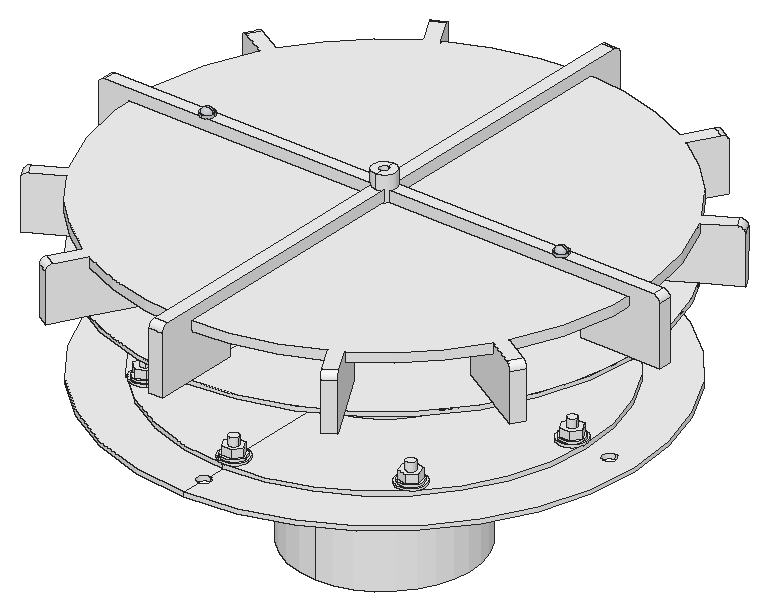
Revit family "MH-501-28", category Plumbing Fixtures, host Face, Revit 2018
Family settings
  Host = Face
  Round Connector Dimension = Use Radius
  Part Type = Normal
  Cut with Voids When Loaded = No
  Shared = No
  Room Calculation Point = No
Parameters (values of type "MH-501-28-Ø5"")
  WFU = 0
  URL = "WWW.MIFAB.COM"
  Pipe Radius = Pipe Diameter / 2  # 0' - 2 1/2"
  Pipe Diameter = 0' - 5"
  Model = "MH-501-28"
  Manufacturer = "MIFAB"
  B Body Diameter = 0' - 11 205/256"
  A Air Baffle/ Inducer Diameter = 1' - 2 159/256"
  Floor Drain Material = Paint - Sherwin Williams Paint - #952C2A - Bellwood Red
  Description = "SIPHONIC ROOF DRAIN OVERFLOW"
  Default Elevation = 0' - 0"
  CWFU = 0
  Body Height = 0' - 4.173"
  Assembly Code = ""
Reference planes (in)
  plane 1 "Center (Front/Back)": y = 0
  plane 2: z = 0
  plane 3 "Center (Left/Right)": x = 0
  plane 4: z = -3
  plane 5: z = -2.375
  plane 6: y = -2.5
  plane 7: y = 2.5
  plane 8: z = -7.40122
  plane 9: y = -3.10687
  plane 10: x = -1
  plane 11: x = 1
  plane 12: y = -2.38189
  plane 13: y = -5.90039
  plane 14: y = 5.90039
  plane 15 "0": z = -4.173
  plane 16: z = 0.8125
  plane 17: z = 0.5625
  plane 18: y = 7.31055
  plane 19: y = -7.31055
  plane 20: x = -0.19624
  plane 21: x = 0.19624
  plane 22: x = -7.31055
  plane 23: x = 7.31055
  plane 24: y = 0.18061
  plane 25: y = -0.18061
  plane 26: z = 1.875
  plane 27: z = 1.28855
  plane 28: z = -1.5
  plane 29: x = -4.6941
  plane 30: x = -5.90039
  plane 31: x = 5.90039
  plane 32: through (-5.25174, 5.08471, 48) normal (-0.7071, 0.7071, 0)
  plane 33: through (5.08693, -5.25397, 48) normal (-0.7071, 0.7071, 0)
  plane 34: through (0.00111, -0.00111, 48) normal (-0.7071, 0.7071, 0)
  plane 35: through (-5.08471, -5.25397, 48) normal (-0.7071, -0.7071, 0)
  plane 36: through (5.25397, 5.08471, 48) normal (-0.7071, -0.7071, 0)
  plane 37: through (0.00111, -0.00111, 48) normal (-0.7071, -0.7071, 0)
  plane 38: z = -6.67523
  plane 39: z = -6.05023
  plane 40: y = -3.10687
  plane 41: y = -2.38189
  plane 42: z = -3.67523
  plane 43: z = -4.17
  plane 44: z = -2.992
Forms (in)
  Revolve 1, solid, material "Paint - Sherwin Williams Paint - #952C2A - Bellwood Red" <- "Floor Drain Material"
    sketch origin (0, 0.04396, -2.375) x (0, 1, 0) y (0, 0, 1)
      loop
        line (-2.54396, 1.75689) -> (-2.54396, -1.798) -> (-2.42585, -1.798) -> (-2.42585, 1.875)
        arc (-2.42585, 1.875) -> (-2.5723, 2.22855) -> (-2.92585, 2.375) r 0.5
        line (-2.92585, 2.375) -> (-7.35451, 2.375) -> (-7.35451, 2.25689) -> (-3.04396, 2.25689)
        arc (-3.04396, 2.25689) -> (-2.69041, 2.11044) -> (-2.54396, 1.75689) r 0.5
      axis (-0.04396, -1.798) -> (-0.04396, 2.375)
    angle from 0 to 360
  Revolve 2, solid, material "Paint - Sherwin Williams Paint - #952C2A - Bellwood Red" <- "Floor Drain Material"
    sketch origin (0, 0, 0) x (0, 1, 0) y (0, 0, 1)
      loop
        line (-0.32401, 1.5625) -> (-7.31055, 1.5625) -> (-7.31055, 1.28855) -> (0, 1.28855) -> (0, 2.06326) -> (-0.12033, 2.06326) -> (-0.12033, 2.26988) -> (-0.32401, 2.26988) -> (-0.32401, 1.5625)
      axis (0, 1.28855) -> (0, 2.26988)
    angle from 0 to 360
  Extrusion 3, solid, material "Paint - Sherwin Williams Paint - #952C2A - Bellwood Red" <- "Floor Drain Material"
    sketch origin (0, 0, 0) x (0, 1, 0) y (0, 0, 1)
      loop
        line (8.37222, 0) -> (8.37222, 1.68359)
        arc (8.37222, 1.68359) -> (8.31615, 1.81894) -> (8.18081, 1.875) r 0.19141
        line (8.18081, 1.875) -> (-8.14956, 1.875)
        arc (-8.14956, 1.875) -> (-8.2849, 1.81894) -> (-8.34097, 1.68359) r 0.19141
        line (-8.34097, 1.68359) -> (-8.34097, 0) -> (-5.90039, 0) -> (-5.90039, 1.28855) -> (-7.30773, 1.28855) -> (-7.30773, 1.5625) -> (7.31055, 1.5625) -> (7.31055, 1.28855) -> (5.90039, 1.28855) -> (5.90039, 0) -> (8.37222, 0)
    from -0.19624 to 0.19624
  Extrusion 4, solid, material "Paint - Sherwin Williams Paint - #952C2A - Bellwood Red" <- "Floor Drain Material"
    sketch origin (0, 0, 0) x (1, 0, 0) y (0, 0, 1)
      loop
        line (-8.20815, 0) -> (-5.90039, 0) -> (-5.90039, 1.28855) -> (-7.31055, 1.28855) -> (-7.31055, 1.5625) -> (7.31055, 1.5625) -> (7.31055, 1.28855) -> (5.90039, 1.28855) -> (5.90039, 0) -> (8.20815, 0) -> (8.20815, 1.68319)
        arc (8.20815, 1.68319) -> (8.15197, 1.81882) -> (8.01634, 1.875) r 0.19181
        line (8.01634, 1.875) -> (-8.01675, 1.875)
        arc (-8.01675, 1.875) -> (-8.15209, 1.81894) -> (-8.20815, 1.68359) r 0.19141
        line (-8.20815, 1.68359) -> (-8.20815, 0)
    from -0.18061 to 0.18061
  Extrusion 5, solid, material "Paint - Sherwin Williams Paint - #952C2A - Bellwood Red" <- "Floor Drain Material"
    sketch origin (0, 0, 0) x (1, 0, 0) y (0, 1, 0)
      loop
        circle (-6.00241, 0) r 0.10682
      loop
        circle (6.00241, 0) r 0.10682
    from 0.04425 to 1.28855
  Extrusion 6, solid, material "Paint - Sherwin Williams Paint - #952C2A - Bellwood Red" <- "Floor Drain Material"
    sketch origin (8.16842, -14.14953, -6.66276) x (-0.5, 0.866025, 0) y (0, 0, 1)
      loop
        line (24.52042, 8.22526) -> (22.23805, 8.22526) -> (22.23805, 6.66276) -> (24.71183, 6.66276) -> (24.71183, 8.03385)
        arc (24.71183, 8.03385) -> (24.65576, 8.1692) -> (24.52042, 8.22526) r 0.19141
    from -0.19624 to 0.19624
  Extrusion 7, solid, material "Paint - Sherwin Williams Paint - #952C2A - Bellwood Red" <- "Floor Drain Material"
    sketch origin (14.14842, -8.17035, -6.66276) x (-0.866025, 0.5, 0) y (0, 0, 1)
      loop
        line (24.52042, 8.22526) -> (22.23805, 8.22526) -> (22.23805, 6.66276) -> (24.71183, 6.66276) -> (24.71183, 8.03385)
        arc (24.71183, 8.03385) -> (24.65576, 8.1692) -> (24.52042, 8.22526) r 0.19141
    from -0.19624 to 0.19624
  Extrusion 8, solid, material "Paint - Sherwin Williams Paint - #952C2A - Bellwood Red" <- "Floor Drain Material"
    sketch origin (-8.16842, -14.14953, -6.66276) x (0.5, 0.866025, 0) y (0, 0, -1)
      loop
        arc (24.52042, -8.22526) -> (24.65576, -8.1692) -> (24.71183, -8.03385) r 0.19141
        line (24.71183, -8.03385) -> (24.71183, -6.66276) -> (22.23805, -6.66276) -> (22.23805, -8.22526) -> (24.52042, -8.22526)
    from -0.19624 to 0.19624
  Extrusion 9, solid, material "Paint - Sherwin Williams Paint - #952C2A - Bellwood Red" <- "Floor Drain Material"
    sketch origin (-14.14842, -8.17035, -6.66276) x (0.866025, 0.5, 0) y (0, 0, -1)
      loop
        arc (24.52042, -8.22526) -> (24.65576, -8.1692) -> (24.71183, -8.03385) r 0.19141
        line (24.71183, -8.03385) -> (24.71183, -6.66276) -> (22.23805, -6.66276) -> (22.23805, -8.22526) -> (24.52042, -8.22526)
    from -0.19624 to 0.19624
  Extrusion 10, solid, material "Paint - Sherwin Williams Paint - #952C2A - Bellwood Red" <- "Floor Drain Material"
    sketch origin (14.14842, 8.17035, -6.66276) x (-0.866025, -0.5, 0) y (0, 0, -1)
      loop
        arc (24.52042, -8.22526) -> (24.65576, -8.1692) -> (24.71183, -8.03385) r 0.19141
        line (24.71183, -8.03385) -> (24.71183, -6.66276) -> (22.23805, -6.66276) -> (22.23805, -8.22526) -> (24.52042, -8.22526)
    from -0.19624 to 0.19624
  Extrusion 11, solid, material "Paint - Sherwin Williams Paint - #952C2A - Bellwood Red" <- "Floor Drain Material"
    sketch origin (-8.16842, 14.14953, -6.66276) x (0.5, -0.866025, 0) y (0, 0, 1)
      loop
        line (24.52042, 8.22526) -> (22.23805, 8.22526) -> (22.23805, 6.66276) -> (24.71183, 6.66276) -> (24.71183, 8.03385)
        arc (24.71183, 8.03385) -> (24.65576, 8.1692) -> (24.52042, 8.22526) r 0.19141
    from -0.19624 to 0.19624
  Extrusion 12, solid, material "Paint - Sherwin Williams Paint - #952C2A - Bellwood Red" <- "Floor Drain Material"
    sketch origin (-14.14842, 8.17035, -6.66276) x (0.866025, -0.5, 0) y (0, 0, 1)
      loop
        line (24.52042, 8.22526) -> (22.23805, 8.22526) -> (22.23805, 6.66276) -> (24.71183, 6.66276) -> (24.71183, 8.03385)
        arc (24.71183, 8.03385) -> (24.65576, 8.1692) -> (24.52042, 8.22526) r 0.19141
    from -0.19624 to 0.19624
  Extrusion 13, solid, material "Paint - Sherwin Williams Paint - #952C2A - Bellwood Red" <- "Floor Drain Material"
    sketch origin (8.16842, 14.14953, -6.66276) x (-0.5, -0.866025, 0) y (0, 0, -1)
      loop
        arc (24.52042, -8.22526) -> (24.65576, -8.1692) -> (24.71183, -8.03385) r 0.19141
        line (24.71183, -8.03385) -> (24.71183, -6.66276) -> (22.23805, -6.66276) -> (22.23805, -8.22526) -> (24.52042, -8.22526)
    from -0.19624 to 0.19624
  Revolve 14, solid
    sketch origin (0, 0, 0) x (1, 0, 0) y (0, 0, 1)
      loop
        line (-5.17383, 2.06415) -> (-5.17383, 0.95382) -> (-5.07619, 0.95382) -> (-5.07619, 1.875) -> (-4.97074, 1.875) -> (-4.97074, 1.93552) -> (-5.02094, 1.93552)
        arc (-5.02094, 1.93552) -> (-5.07198, 2.03004) -> (-5.17383, 2.06415) r 0.14616
      axis (-5.17383, 0.95382) -> (-5.17383, 2.06415)
    angle from 0 to 360
  Revolve 15, solid
    sketch origin (0, 0, 0) x (-1, 0, 0) y (0, 0, 1)
      loop
        line (-5.17383, 2.06124) -> (-5.17383, 0.95382) -> (-5.07619, 0.95382) -> (-5.07619, 1.875) -> (-4.97074, 1.875) -> (-4.97074, 1.93552) -> (-5.02094, 1.93552)
        arc (-5.02094, 1.93552) -> (-5.07192, 2.02935) -> (-5.17383, 2.06124) r 0.14219
      axis (-5.17383, 0.95382) -> (-5.17383, 2.06124)
    angle from 0 to 360
  Revolve 16, solid, material "Paint - Sherwin Williams Paint - #952C2A - Bellwood Red" <- "Floor Drain Material"
    sketch origin (0, 0.04396, -6.05023) x (0, 1, 0) y (0, 0, 1)
      loop
        line (-2.54396, 1.80541) -> (-2.54396, -1.35099) -> (-2.42585, -1.35099) -> (-2.42585, 1.85876)
        arc (-2.42585, 1.85876) -> (-2.77717, 2.70692) -> (-3.62532, 3.05823) r 1.19948
        line (-3.62532, 3.05823) -> (-7.35451, 3.05823) -> (-7.35451, 2.94012) -> (-3.67868, 2.94012)
        arc (-3.67868, 2.94012) -> (-2.87631, 2.60777) -> (-2.54396, 1.80541) r 1.13472
      axis (-0.04396, -1.35099) -> (-0.04396, 3.05823)
    angle from 0 to 360
  Revolve 17, solid, material "Paint - Sherwin Williams Paint - #952C2A - Bellwood Red" <- "Floor Drain Material"
    sketch origin (0, 0, 0) x (0, 1, 0) y (0, 0, 1)
      loop
        line (-5.90039, -2.992) -> (-2.5, -2.992) -> (-2.5, -2.87389) -> (-5.90039, -2.87389) -> (-5.90039, -2.992)
      axis (0, -2.992) -> (0, -2.87389)
    angle from 0 to 360
  Extrusion 18, void
    sketch origin (0, 0, -2.992) x (0, -1, 0) y (-1, 0, 0)
      loop
        circle (0, 6.58825) r 0.19624
      loop
        circle (0, -6.58825) r 0.19624
      loop
        circle (-6.58825, 0) r 0.19624
      loop
        circle (6.58825, 0) r 0.19624
    from 0 to 0.11811
Cuts and joins
  joined: Extrusion 3, Extrusion 4, Extrusion 5
  joined: Revolve 1, Revolve 2, Extrusion 6, Extrusion 7, Extrusion 8, Extrusion 9, Extrusion 10, Extrusion 11, Extrusion 12, Extrusion 13
  Extrusion 18 cuts Revolve 16
Lines and regions (in)
  model lines, not visible
    curve 1: line (6.7156, 0, 9.07611) -> (12.5156, 0, 9.07611)
    curve 2: line (12.5156, 0, 9.07611) -> (12.5156, 0, 10.82611)
    curve 3: line (12.5156, 0, 10.82611) -> (6.7156, 0, 10.82611)
    curve 4: line (6.7156, 0, 10.82611) -> (6.7156, 0, 9.07611)
    curve 5: line (7.13163, 0, 10.86539) -> (7.13163, 0, 12.86539)
    curve 6: line (7.13163, 0, 12.86539) -> (15.53163, 0, 12.86539)
    curve 7: line (15.53163, 0, 12.86539) -> (15.53163, 0, 10.86539)
    curve 8: line (11.33163, 0, 12.86539) -> (11.33163, 0, 12.36539)
    curve 9: line (10.38306, 10.17879, 0) -> (10.38306, 12.67879, 0)
    curve 10: line (10.38306, 12.67879, 0) -> (20.88306, 12.67879, 0)
    curve 11: line (20.88306, 12.67879, 0) -> (20.88306, 10.17879, 0)
    curve 12: line (15.63306, 12.67879, 0) -> (15.63306, 10.92879, 0)
    curve 13: line (10.06912, 0, 4.67543) -> (10.06912, 0, 6.92543)
    curve 14: line (10.06912, 0, 6.92543) -> (-0.26488, 0, 6.92543)
    curve 15: line (-0.26488, 0, 6.92543) -> (-0.26488, 0, 4.42543)
    curve 16: line (10.75678, 9.64709, 0) -> (10.75678, 10.89709, 0)
    curve 17: line (10.75678, 10.89709, 0) -> (15.25678, 10.89709, 0)
    curve 18: line (15.25678, 10.89709, 0) -> (15.25678, 9.64709, 0)
    curve 19: line (13.00678, 10.89709, 0) -> (13.00678, 10.14709, 0)
    curve 20: line (6.88273, 9.30587, 0) -> (6.88273, 10.55587, 0)
    curve 21: line (6.88273, 10.55587, 0) -> (20.08273, 10.55587, 0)
    curve 22: line (20.08273, 10.55587, 0) -> (20.08273, 9.30587, 0)
    curve 23: line (13.48273, 10.55587, 0) -> (13.48273, 9.80587, 0)
    curve 24: line (16.96132, 12.87513, 0) -> (16.96132, 15.37513, 0)
    curve 25: line (16.96132, 15.37513, 0) -> (27.46132, 15.37513, 0)
    curve 26: line (27.46132, 15.37513, 0) -> (27.46132, 12.87513, 0)
    curve 27: line (22.21132, 15.37513, 0) -> (22.21132, 14.12513, 0)
    curve 28: line (4.80401, 26.27015, 0) -> (4.80401, 28.52015, 0)
    curve 29: line (4.80401, 28.52015, 0) -> (15.86651, 28.52015, 0)
    curve 30: line (15.86651, 28.52015, 0) -> (15.86651, 26.27015, 0)
    curve 31: line (10.33526, 28.52015, 0) -> (10.33526, 27.02015, 0)
    curve 32: line (4.80401, 26.27015, 0) -> (4.80401, 28.52015, 0)
    curve 33: line (4.80401, 28.52015, 0) -> (9.80401, 28.52015, 0)
    curve 34: line (9.80401, 28.52015, 0) -> (9.80401, 26.27015, 0)
    curve 35: line (7.30401, 28.52015, 0) -> (7.30401, 27.02015, 0)
    curve 36: line (4.30401, 26.27015, 0) -> (4.30401, 28.52015, 0)
    curve 37: line (4.30401, 28.52015, 0) -> (10.30401, 28.52015, 0)
    curve 38: line (10.30401, 28.52015, 0) -> (10.30401, 26.27015, 0)
    curve 39: line (7.30401, 28.52015, 0) -> (7.30401, 27.02015, 0)
    curve 40: line (10.02403, 24.13739, 0) -> (10.02403, 27.63739, 0)
    curve 41: line (10.02403, 27.63739, 0) -> (16.39403, 27.63739, 0)
    curve 42: line (16.39403, 27.63739, 0) -> (16.39403, 24.13739, 0)
    curve 43: line (13.20903, 27.63739, 0) -> (13.20903, 25.88739, 0)
    curve 45: line (0, -7.56936, 0.58817) -> (0, -11.31936, 0.58817)
    curve 46: line (0, -11.31936, 0.58817) -> (0, -11.31936, 4.76117)
    curve 47: line (0, -11.31936, 4.76117) -> (0, -10.56936, 4.76117)
    curve 48: line (11.60905, 0, -11.21453) -> (12.60905, 0, -11.21453)
    curve 49: line (12.60905, 0, -11.21453) -> (12.60905, 0, -8.22253)
    curve 50: line (12.60905, 0, -8.22253) -> (11.60905, 0, -8.22253)
    curve 51: line (0, -12.93224, -8.38471) -> (0, -14.18224, -8.38471)
    curve 52: line (0, -14.18224, -8.38471) -> (0, -14.18224, -5.39271)
    curve 53: line (0, -14.18224, -5.39271) -> (0, -12.93224, -5.39271)
    curve 54: line (0, 9.19689, -12.94869) -> (0, 7.31055, -12.94869)
    curve 55: line (0, 7.31055, -12.94869) -> (0, 7.31055, -11.07369)
    curve 56: line (0, 7.31055, -11.07369) -> (0, 9.19689, -11.07369)
  model lines
    curve 44: line (7.98296, 0.18061, 0) -> (7.98296, -0.18061, 0)
Dimensions and locks (in)
  equal spacing: plane 7, plane 1 "Center (Front/Back)", plane 6
  "Pipe Diameter": plane 7 to plane 6
  "Pipe Radius": plane 1 "Center (Front/Back)" to plane 6
  plane 2 to plane 8 = 0' - 7.40122"
  plane 11 to plane 10 = 0' - 2"
  locked: plane 12 to plane 6 at 0.11811
  equal spacing: plane 14, plane 1 "Center (Front/Back)", plane 13
  "B Body Diameter": plane 14 to plane 13
  "Body Height": plane 15 "0" to plane 2
  plane 16 to plane 2 = 0' - 0 13/16"
  locked: plane 16 to plane 17 at 0.25
  equal spacing: plane 18, plane 1 "Center (Front/Back)", plane 19
  "A Air Baffle/ Inducer Diameter": plane 18 to plane 19
  Extrusion 3 sketch curve to Extrusion 3 sketch curve to plane 18 = 0' - 0 49/256" locked, 0' - 0.87026" locked
  plane 19 to Extrusion 3 sketch curve to Extrusion 3 sketch curve = 0' - 0.83901" locked, 0' - 0 49/256" locked
  equal spacing: plane 20, plane 3 "Center (Left/Right)", plane 21
  equal spacing: plane 22, plane 3 "Center (Left/Right)", plane 23
  "A Air Baffle/ Inducer Diameter": plane 22 to plane 23
  equal spacing: plane 25, plane 1 "Center (Front/Back)", plane 24
  plane 26 to level = 0' - 1 7/8"
  locked: plane 22 to Extrusion 5 sketch curve at 1.30813
  locked: Extrusion 5 sketch curve to plane 23 at 1.30813
  locked: level to plane 28 at 1.5
  equal spacing: plane 30, plane 3 "Center (Left/Right)", plane 31
  "B Body Diameter": plane 30 to plane 31
  equal spacing: plane 33, plane 34, plane 32
  "A Air Baffle/ Inducer Diameter": plane 32 to plane 33
  "A Air Baffle/ Inducer Diameter": plane 36 to plane 35
  equal spacing: plane 35, plane 37, plane 36
  plane 25 to plane 24 = 0' - 0.36122"
  plane 20 to plane 21 = 0' - 0.39247"
  locked: plane 23 to Extrusion 4 sketch curve at 0.7058
  locked: plane 22 to Extrusion 4 sketch curve at 0.7062
  locked: plane 41 to plane 6 at 0.11811
  locked: plane 42 to plane 8 at 3.72599
  locked: plane 30 to nested 1 at 0.413
  locked: nested 5 to plane 31 at 0.4082
  locked: nested 3 to plane 13 at 0.4082
  locked: plane 14 to nested 7 at 0.4082
  nested 8 to nested 8 = 0' - 0.4082"
  locked: nested 4 to Revolve 17 at 0.4082
  locked: nested 6 to Revolve 17 at 0.4082
  locked: nested 2 to Revolve 17 at 0.4082
  cut or joined group of Revolve 16, Extrusion 18 to level = 0' - 2.992"
  aligned and locked: plane 2 to host face
  aligned and locked: level to host face
  aligned and locked: Revolve 1 sketch curve to plane 6
  aligned and locked: plane 12 to Revolve 1 sketch curve
  aligned and locked: plane 15 "0" to Revolve 1 sketch curve
  aligned and locked: Revolve 2 sketch curve to plane 1 "Center (Front/Back)"
  aligned and locked: Revolve 2 sketch curve to plane 19
  aligned and locked: Extrusion 3 to plane 20
  aligned and locked: Extrusion 3 to plane 21
  aligned and locked: plane 24 to Extrusion 4
  aligned and locked: Extrusion 4 to plane 25
  aligned and locked: Extrusion 5 to plane 27
  aligned and locked: Revolve 1 sketch curve to host face
  aligned and locked: Revolve 2 sketch curve to cut or joined group of Extrusion 3, Extrusion 4, Extrusion 5
  aligned and locked: Revolve 2 sketch curve to plane 27
  aligned and locked: plane 18 to Extrusion 3 sketch curve
  aligned and locked: Extrusion 4 sketch curve to plane 22
  aligned and locked: Extrusion 4 sketch curve to Revolve 2
  aligned and locked: Extrusion 4 sketch curve to plane 31
  aligned and locked: plane 23 to Extrusion 4 sketch curve
  aligned and locked: plane 41 to Revolve 16 sketch curve
  aligned and locked: Revolve 16 sketch curve to plane 6
  aligned and locked: Revolve 16 sketch curve to plane 19
  aligned and locked: Revolve 17 sketch curve to plane 6
  aligned and locked: plane 13 to Revolve 17 sketch curve
  aligned and locked: Revolve 16 sketch curve to plane 8
  aligned and locked: Revolve 1 sketch curve to plane 19
  aligned and locked: nested 1 to plane 1 "Center (Front/Back)"
  aligned and locked: nested 5 to plane 1 "Center (Front/Back)"
  aligned and locked: nested 3 to plane 3 "Center (Left/Right)"
  aligned and locked: nested 7 to plane 3 "Center (Left/Right)"
  aligned and locked: plane 37 to nested 8
  aligned and locked: plane 37 to nested 4
  aligned and locked: plane 34 to nested 6
  aligned and locked: plane 34 to nested 2
  aligned and locked: Extrusion 18 to Revolve 16
  aligned and locked: Revolve 16 to Extrusion 18
Automatic sketch dimensions
  curve 5 to curve 7 = 0' - 8.4"
  curve 5 to curve 8 = 0' - 4.2"
  curve 5 to curve 5 = 0' - 2"
  curve 7 to curve 6 = 0' - 2"
  curve 8 to curve 8 = 0' - 0 1/2"
  curve 32 to curve 34 = 0' - 5"
  curve 35 to curve 34 = 0' - 2 1/2"
  curve 35 to curve 33 = 0' - 1 1/2"
  curve 32 to curve 33 = 0' - 2 1/4"
  curve 34 to curve 35 = 0' - 0 3/4"
  curve 36 to curve 38 = 0' - 6"
  curve 39 to curve 38 = 0' - 3"
  curve 39 to curve 37 = 0' - 1 1/2"
  curve 36 to curve 37 = 0' - 2 1/4"
  curve 38 to curve 39 = 0' - 0 3/4"
  host sketch curve to host sketch curve = 8' - 0"  (x2)
  Revolve 2 sketch curve to plane 1 "Center (Front/Back)" = 0' - 0"
  plane 25 to Revolve 2 sketch curve = 0' - 0.1434"
  Revolve 2 sketch curve to plane 25 = 0' - 0.06028"
  plane 26 to Revolve 2 sketch curve = 0' - 0.18826"
  Revolve 2 sketch curve to Revolve 2 sketch curve = 0' - 0.20662"
  plane 27 to Revolve 2 sketch curve = 0' - 0.02395"
  Revolve 2 sketch curve to Revolve 2 sketch curve = 0' - 0.00233"
  plane 1 "Center (Front/Back)" to Extrusion 5 sketch curve = 0' - 0"  (x2)
  level to Extrusion 6 sketch curve = 0' - 0"
  plane 27 to Extrusion 6 sketch curve = 0' - 0.27395"
  Extrusion 6 sketch curve to Extrusion 6 sketch curve = 0' - 2.28237"
  plane 27 to Extrusion 6 sketch curve = 0' - 0.08254"
  level to Extrusion 7 sketch curve = 0' - 0"
  plane 27 to Extrusion 7 sketch curve = 0' - 0.27395"
  Extrusion 7 sketch curve to Extrusion 7 sketch curve = 0' - 2.28237"
  plane 27 to Extrusion 7 sketch curve = 0' - 0.08254"
  level to Extrusion 8 sketch curve = 0' - 0"
  plane 27 to Extrusion 8 sketch curve = 0' - 0.27395"
  Extrusion 8 sketch curve to Extrusion 8 sketch curve = 0' - 2.28237"
  plane 27 to Extrusion 8 sketch curve = 0' - 0.08254"
  level to Extrusion 9 sketch curve = 0' - 0"
  plane 27 to Extrusion 9 sketch curve = 0' - 0.27395"
  Extrusion 9 sketch curve to Extrusion 9 sketch curve = 0' - 2.28237"
  plane 27 to Extrusion 9 sketch curve = 0' - 0.08254"
  Extrusion 10 sketch curve to level = 0' - 0"
  plane 27 to Extrusion 10 sketch curve = 0' - 0.27395"
  Extrusion 10 sketch curve to Extrusion 10 sketch curve = 0' - 2.28237"
  plane 27 to Extrusion 10 sketch curve = 0' - 0.08254"
  Extrusion 11 sketch curve to level = 0' - 0"
  plane 27 to Extrusion 11 sketch curve = 0' - 0.27395"
  Extrusion 11 sketch curve to Extrusion 11 sketch curve = 0' - 2.28237"
  plane 27 to Extrusion 11 sketch curve = 0' - 0.08254"
  Extrusion 12 sketch curve to level = 0' - 0"
  plane 27 to Extrusion 12 sketch curve = 0' - 0.27395"
  Extrusion 12 sketch curve to Extrusion 12 sketch curve = 0' - 2.28237"
  plane 27 to Extrusion 12 sketch curve = 0' - 0.08254"
  Extrusion 13 sketch curve to level = 0' - 0"
  plane 27 to Extrusion 13 sketch curve = 0' - 0.27395"
  Extrusion 13 sketch curve to Extrusion 13 sketch curve = 0' - 2.28237"
  plane 27 to Extrusion 13 sketch curve = 0' - 0.08254"
  Revolve 1 sketch curve to plane 1 "Center (Front/Back)" = 0' - 0"
  plane 9 to Revolve 1 sketch curve = 0' - 0.10687"
  Revolve 1 sketch curve to Revolve 1 sketch curve = 0' - 0.11811"  (x2)
  plane 15 "0" to Revolve 1 sketch curve = 0' - 1 3/8"
  plane 8 to Revolve 1 sketch curve = 0' - 0 1/8"
  plane 25 to curve 44 = 0' - 0"
  curve 44 to plane 24 = 0' - 0"
  curve 44 to plane 23 = 0' - 0.67241"
  Extrusion 18 sketch curve to Revolve 16 = 0' - 0"  (x2)
  Extrusion 18 sketch curve to Extrusion 18 sketch curve = 0' - 6.58825"  (x3)
  Extrusion 18 sketch curve to Revolve 16 = 0' - 6.58825"
  Revolve 16 to Extrusion 18 sketch curve = 0' - 6.58825"
  curve 45 to curve 47 = 0' - 4.173"
  curve 46 to curve 47 = 0' - 0 3/4"
  curve 46 to curve 45 = 0' - 3 3/4"
  Revolve 17 sketch curve to plane 1 "Center (Front/Back)" = 0' - 0"
  Revolve 17 sketch curve to plane 44 = 0' - 0.11811"
  Revolve 17 sketch curve to Revolve 17 sketch curve = 0' - 0.11811"
  Revolve 17 sketch curve to plane 44 = 0' - 0.04985"
  plane 28 to Revolve 17 sketch curve = 0' - 0.39715"
  plane 44 to Revolve 16 sketch curve = 0' - 0"
  Revolve 16 sketch curve to plane 1 "Center (Front/Back)" = 0' - 0"
  plane 44 to Revolve 16 sketch curve = 0' - 0.11811"
  Revolve 16 sketch curve to plane 40 = 0' - 0.52784"
  Revolve 16 sketch curve to Revolve 16 sketch curve = 0' - 0.05335"
  Revolve 16 sketch curve to plane 8 = 0' - 1.30023"
  Revolve 16 sketch curve to Revolve 16 sketch curve = 0' - 2 1/4"
  Extrusion 3 sketch curve to plane 27 = 0' - 0"  (x2)
  Extrusion 3 sketch curve to plane 13 = 0' - 0"
  Extrusion 3 sketch curve to plane 14 = 0' - 0"
  Extrusion 3 sketch curve to level = 0' - 0"  (x2)
  Extrusion 3 sketch curve to plane 26 = 0' - 0"
  plane 19 to Extrusion 3 sketch curve = 0' - 0.00282"
  plane 27 to Extrusion 3 sketch curve = 0' - 0.27395"
  Revolve 14 sketch curve to plane 26 = 0' - 0"
  plane 16 to Revolve 14 sketch curve = 0' - 0.14132"
  Revolve 14 sketch curve to plane 29 = 0' - 0.47973"
  plane 26 to Revolve 14 sketch curve = 0' - 0.04319"
  Revolve 14 sketch curve to Revolve 14 sketch curve = 0' - 0.00775"  (x2)
  Revolve 14 sketch curve to Revolve 14 sketch curve = 0' - 0.08988"
  Revolve 14 sketch curve to Revolve 14 sketch curve = 0' - 0.05525"
  Revolve 14 sketch curve to Revolve 14 sketch curve = 0' - 0.0502"
  plane 26 to Revolve 14 sketch curve = 0' - 0.06052"
  Revolve 14 sketch curve to Revolve 14 sketch curve = 0' - 0.06747"
  Revolve 14 sketch curve to Revolve 14 sketch curve = 0' - 0.00306"
  Extrusion 4 sketch curve to level = 0' - 0"  (x2)
  Extrusion 4 sketch curve to plane 30 = 0' - 0"
  Extrusion 4 sketch curve to plane 27 = 0' - 0"
  Extrusion 4 sketch curve to plane 26 = 0' - 0"
  Extrusion 4 sketch curve to plane 22 = 0' - 0.89761"
  Extrusion 4 sketch curve to plane 23 = 0' - 0.89761"
  Extrusion 4 sketch curve to Extrusion 4 sketch curve = 0' - 0.27395"
  Revolve 15 sketch curve to plane 26 = 0' - 0"
  Revolve 15 sketch curve to plane 26 = 0' - 0.18624"
  Revolve 15 sketch curve to plane 31 = 0' - 0 93/128"
  Revolve 15 sketch curve to plane 26 = 0' - 0.04452"
  Revolve 15 sketch curve to Revolve 15 sketch curve = 0' - 0.0116"
  Revolve 15 sketch curve to Revolve 15 sketch curve = 0' - 0.08604"
  Revolve 15 sketch curve to plane 26 = 0' - 0.06052"
  Revolve 15 sketch curve to Revolve 15 sketch curve = 0' - 0.0502"
  Revolve 15 sketch curve to plane 16 = 0' - 0.14132"
  Revolve 15 sketch curve to Revolve 15 sketch curve = 0' - 0"
  Revolve 15 sketch curve to Revolve 15 sketch curve = 0' - 0.06614"
  Revolve 15 sketch curve to Revolve 15 sketch curve = 0' - 0.00015"
  radius of Extrusion 5 sketch curve = 0' - 0.10682"  (x2)
  radius of Extrusion 18 sketch curve = 0' - 0.19624"  (x4)
Nested families (in)
  nested 1: "Bolt" at (-5.48739, 0, -2.87389) x (-1, 0, 0) z (0, 0, 1), type "Bolt"
  nested 2: "Bolt" at (-3.88245, -3.88468, -2.87389) x (-0.7071, 0.7071, 0) z (0, 0, 1), type "Bolt"
  nested 3: "Bolt" at (0, -5.49219, -2.87389) x (-1, 0, 0) z (0, 0, 1), type "Bolt"
  nested 4: "Bolt" at (3.88356, -3.88356, -2.87389) x (-0.7071, -0.7071, 0) z (0, 0, 1), type "Bolt"
  nested 5: "Bolt" at (5.49219, 0, -2.87389) x (-1, 0, 0) z (0, 0, 1), type "Bolt"
  nested 6: "Bolt" at (3.88468, 3.88245, -2.87389) x (-0.7071, -0.7071, 0) z (0, 0, 1), type "Bolt"
  nested 7: "Bolt" at (0, 5.49219, -2.87389) x (-1, 0, 0) z (0, 0, 1), type "Bolt"
  nested 8: "Bolt" at (-3.88356, 3.88356, -2.87389) x (-0.7071, -0.7071, 0) z (0, 0, 1), type "Bolt"
Connectors (in)
  piping at (0, 0, -7.40122), diameter 5, driven by "Pipe Radius"
    settings: on Revolve 16, index 1, connector inside diameter 24", connector length 0' - 0", flow factor 0, pipe flow 0 GPM, pressure drop 0.00 psi, fitting loss kfactor 0, connector angle 0.00°, fixture units 0, engagement length 0' - 0", angle of deflection 0.00°, flow configuration 0, flow direction 0, fitting loss method 0, system type 7, joint type 0, gender type 0, connector reference index -1, connector utility 0, adjustable connector no, is connector primary yes, connector description ""
Definition of nested family "Bolt"
  Parameters (values of type "Bolt")
    Material = none
    Default Elevation = 4' - 0"
  Reference planes (in)
    plane 1 "Center (Front/Back)": y = 0
    plane 2: z = 0
    plane 3 "Center (Left/Right)": x = 0
    plane 4: y = 0.4082
    plane 5: y = -0.4082
    plane 6: x = 0.4082
    plane 7: x = -0.4082
  Forms (in)
    Extrusion 1, solid
      sketch origin (0, 0, 0) x (1, 0, 0) y (0, 1, 0)
        loop
          line (-48, 48) -> (-48, -48) -> (48, -48) -> (48, 48) -> (-48, 48)
      from 0 to -12
    Extrusion 2, solid, material <- "Material"
      sketch origin (0, 0, 0) x (1, 0, 0) y (0, 1, 0)
        loop
          circle (0, 0) r 0.4082
      from 0 to 0.0586
    Extrusion 3, solid, material <- "Material"
      sketch origin (0, 0, 0) x (1, 0, 0) y (0, 1, 0)
        loop
          circle (0, 0) r 0.33767
      from 0.0586 to 0.10892
    Extrusion 4, solid, material <- "Material"
      sketch origin (0, 0, 0) x (1, 0, 0) y (0, 1, 0)
        loop
          line (-0.14846, 0.25714) -> (-0.29692, 0) -> (-0.14846, -0.25714) -> (0.14846, -0.25714) -> (0.29692, 0) -> (0.14846, 0.25714) -> (-0.14846, 0.25714)
      from 0.10892 to 0.34958
    Extrusion 5, solid, material <- "Material"
      sketch origin (0, 0, 0) x (1, 0, 0) y (0, 1, 0)
        loop
          circle (0, 0) r 0.133
      from 0.34958 to 0.56968
  Dimensions and locks (in)
    aligned and locked: plane 2 to Extrusion 1
    aligned and locked: level to Extrusion 1
    aligned and locked: Extrusion 3 to Extrusion 2
    aligned and locked: Extrusion 4 to Extrusion 3
